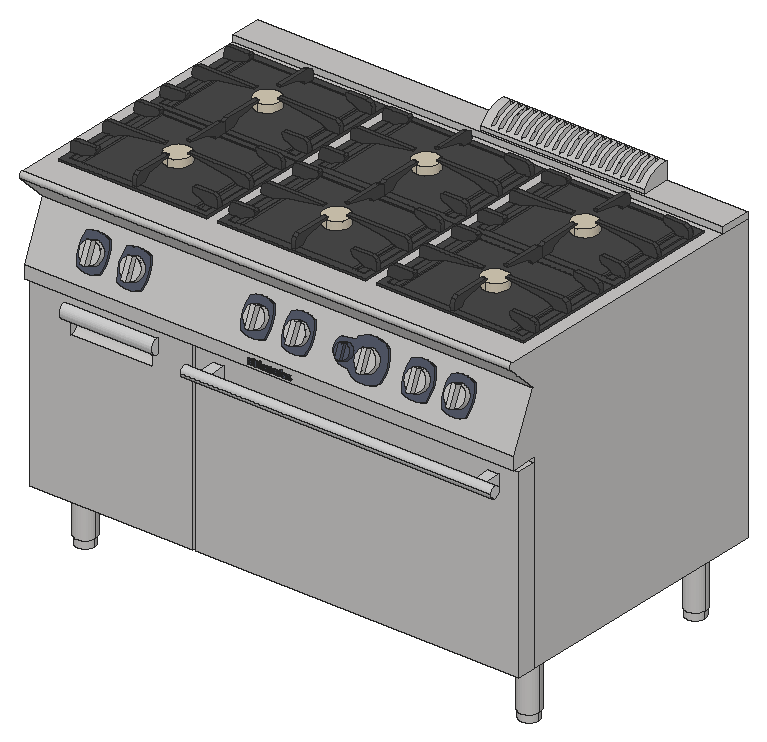
Revit family "QF_ELECTROLUXPROFESSIONAL_371171_E7GCGL6C1A", category Specialty Equipment, Revit 2018 (continued)
Automatic sketch dimensions
  Extrusion 41 sketch curve to Extrusion 41 sketch curve = 0.159 mm
  Extrusion 41 sketch curve to Extrusion 41 sketch curve = 0.826 mm
  Extrusion 41 sketch curve to Extrusion 41 sketch curve = 0.839 mm
  Extrusion 41 sketch curve to Extrusion 41 sketch curve = 0.852 mm
  Extrusion 41 sketch curve to Extrusion 41 sketch curve = 0.887 mm
  Extrusion 41 sketch curve to Extrusion 41 sketch curve = 0.928 mm
  Extrusion 41 sketch curve to Extrusion 41 sketch curve = 0.938 mm
  Extrusion 41 sketch curve to Extrusion 41 sketch curve = 0.444 mm
  Extrusion 41 sketch curve to Extrusion 41 sketch curve = 1.11 mm  (x3)
  plane 7 "Center Y" to Extrusion 41 sketch curve = 43.726 mm
  Extrusion 41 sketch curve to Extrusion 41 sketch curve = 0.215 mm
  plane 7 "Center Y" to Extrusion 41 sketch curve = 0.332 mm
  Extrusion 41 sketch curve to Extrusion 41 sketch curve = 1.43 mm
  Extrusion 41 sketch curve to Extrusion 41 sketch curve = 1.188 mm
  Extrusion 41 sketch curve to Extrusion 41 sketch curve = 1.21 mm  (x2)
  Extrusion 41 sketch curve to Extrusion 41 sketch curve = 0.503 mm
  plane 7 "Center Y" to Extrusion 41 sketch curve = 48.995 mm
  Extrusion 41 sketch curve to Extrusion 41 sketch curve = 0.488 mm
  plane 7 "Center Y" to Extrusion 41 sketch curve = 52.922 mm
  Extrusion 41 sketch curve to Extrusion 41 sketch curve = 0.462 mm
  Extrusion 41 sketch curve to Extrusion 41 sketch curve = 1.386 mm
  Extrusion 41 sketch curve to Extrusion 41 sketch curve = 1.742 mm
  Extrusion 41 sketch curve to Extrusion 41 sketch curve = 0.821 mm
  Extrusion 41 sketch curve to Extrusion 41 sketch curve = 0.497 mm
  Extrusion 41 sketch curve to Extrusion 41 sketch curve = 0.539 mm
  Extrusion 41 sketch curve to Extrusion 41 sketch curve = 0.686 mm
  Extrusion 41 sketch curve to plane 7 "Center Y" = 0.042 mm
  Extrusion 41 sketch curve to Extrusion 41 sketch curve = 0.408 mm
  Extrusion 41 sketch curve to Extrusion 41 sketch curve = 0.743 mm
  Extrusion 41 sketch curve to Extrusion 41 sketch curve = 1.16 mm
  Extrusion 41 sketch curve to Extrusion 41 sketch curve = 0.329 mm
  Extrusion 41 sketch curve to Extrusion 41 sketch curve = 1.054 mm
  Extrusion 41 sketch curve to Extrusion 41 sketch curve = 1.056 mm
  Extrusion 41 sketch curve to Extrusion 41 sketch curve = 0.129 mm
  Extrusion 41 sketch curve to Extrusion 41 sketch curve = 0.489 mm
  Extrusion 41 sketch curve to plane 7 "Center Y" = 0.376 mm
  Extrusion 41 sketch curve to Extrusion 41 sketch curve = 0.441 mm
  Extrusion 41 sketch curve to Extrusion 41 sketch curve = 1.151 mm
  Extrusion 41 sketch curve to Extrusion 41 sketch curve = 1.141 mm  (x2)
  Extrusion 41 sketch curve to Extrusion 41 sketch curve = 0.768 mm
  Extrusion 41 sketch curve to Extrusion 41 sketch curve = 1.653 mm
  Extrusion 41 sketch curve to Extrusion 41 sketch curve = 0.499 mm
  Extrusion 41 sketch curve to Extrusion 41 sketch curve = 0.964 mm
  Extrusion 41 sketch curve to Extrusion 41 sketch curve = 0.949 mm
  Extrusion 41 sketch curve to Extrusion 41 sketch curve = 1.345 mm  (x3)
  Extrusion 41 sketch curve to Extrusion 41 sketch curve = 1.101 mm
  Extrusion 41 sketch curve to Extrusion 41 sketch curve = 0.432 mm
  Extrusion 41 sketch curve to Extrusion 41 sketch curve = 1.142 mm
  Extrusion 41 sketch curve to Extrusion 41 sketch curve = 0.959 mm
  Extrusion 41 sketch curve to Extrusion 41 sketch curve = 0.176 mm
  Extrusion 41 sketch curve to Extrusion 41 sketch curve = 0.728 mm
  Extrusion 41 sketch curve to Extrusion 41 sketch curve = 3.375 mm  (x2)
  Extrusion 41 sketch curve to Extrusion 41 sketch curve = 0.541 mm
  Extrusion 41 sketch curve to Extrusion 41 sketch curve = 0.955 mm
  Extrusion 41 sketch curve to Extrusion 41 sketch curve = 1.251 mm
  Extrusion 41 sketch curve to Extrusion 41 sketch curve = 0.572 mm
  plane 7 "Center Y" to Extrusion 41 sketch curve = 47.619 mm
  Extrusion 41 sketch curve to Extrusion 41 sketch curve = 1.92 mm
  Extrusion 41 sketch curve to Extrusion 41 sketch curve = 1.224 mm
  Extrusion 41 sketch curve to Extrusion 41 sketch curve = 0.745 mm
  Extrusion 41 sketch curve to Extrusion 41 sketch curve = 0.036 mm
  Extrusion 41 sketch curve to Extrusion 41 sketch curve = 0.896 mm  (x3)
  Extrusion 41 sketch curve to Extrusion 41 sketch curve = 2.607 mm
  Extrusion 41 sketch curve to Extrusion 41 sketch curve = 0.066 mm
  Extrusion 41 sketch curve to Extrusion 41 sketch curve = 0.248 mm
  Extrusion 41 sketch curve to Extrusion 41 sketch curve = 0.449 mm
  plane 7 "Center Y" to Extrusion 41 sketch curve = 46.838 mm
  Extrusion 41 sketch curve to Extrusion 41 sketch curve = 1.052 mm
  Extrusion 41 sketch curve to Extrusion 41 sketch curve = 1.863 mm
  Extrusion 41 sketch curve to Extrusion 41 sketch curve = 1.31 mm  (x2)
  Extrusion 41 sketch curve to Extrusion 41 sketch curve = 0.901 mm
  Extrusion 41 sketch curve to Extrusion 41 sketch curve = 1.107 mm
  Extrusion 41 sketch curve to Extrusion 41 sketch curve = 2.122 mm
  Extrusion 41 sketch curve to Extrusion 41 sketch curve = 2.101 mm
  Extrusion 41 sketch curve to Extrusion 41 sketch curve = 0.106 mm
  Extrusion 41 sketch curve to Extrusion 41 sketch curve = 0.029 mm
  plane 7 "Center Y" to Extrusion 41 sketch curve = 49.641 mm
  Extrusion 41 sketch curve to Extrusion 41 sketch curve = 2.09 mm
  Extrusion 41 sketch curve to Extrusion 41 sketch curve = 1.279 mm
  Extrusion 41 sketch curve to Extrusion 41 sketch curve = 2.008 mm
  Extrusion 41 sketch curve to Extrusion 41 sketch curve = 0.738 mm
  Extrusion 41 sketch curve to Extrusion 41 sketch curve = 0.382 mm
  Extrusion 41 sketch curve to Extrusion 41 sketch curve = 0.384 mm
  Extrusion 41 sketch curve to Extrusion 41 sketch curve = 0.002 mm
  Extrusion 41 sketch curve to Extrusion 41 sketch curve = 0.561 mm
  Extrusion 41 sketch curve to Extrusion 41 sketch curve = 0.592 mm
  Extrusion 41 sketch curve to Extrusion 41 sketch curve = 2.692 mm
  Extrusion 41 sketch curve to Extrusion 41 sketch curve = 1.259 mm
  plane 7 "Center Y" to Extrusion 41 sketch curve = 48.858 mm
  Extrusion 41 sketch curve to Extrusion 41 sketch curve = 0.802 mm
  Extrusion 41 sketch curve to Extrusion 41 sketch curve = 1.024 mm
  Extrusion 41 sketch curve to Extrusion 41 sketch curve = 0.682 mm
  Extrusion 41 sketch curve to Extrusion 41 sketch curve = 5.934 mm
  Extrusion 41 sketch curve to Extrusion 41 sketch curve = 2.186 mm
  Extrusion 41 sketch curve to Extrusion 41 sketch curve = 0.337 mm
  Extrusion 41 sketch curve to Extrusion 41 sketch curve = 0.021 mm
  Extrusion 41 sketch curve to Extrusion 41 sketch curve = 1.005 mm
  Extrusion 41 sketch curve to Extrusion 41 sketch curve = 0.552 mm
  Extrusion 41 sketch curve to Extrusion 41 sketch curve = 0.778 mm
  Extrusion 41 sketch curve to Extrusion 41 sketch curve = 0.063 mm
  Extrusion 41 sketch curve to Extrusion 41 sketch curve = 1.023 mm
  Extrusion 41 sketch curve to Extrusion 41 sketch curve = 3.804 mm
  Extrusion 41 sketch curve to Extrusion 41 sketch curve = 0.486 mm
  Extrusion 41 sketch curve to Extrusion 41 sketch curve = 0.266 mm
  Extrusion 41 sketch curve to plane 7 "Center Y" = 0.787 mm
  Extrusion 41 sketch curve to Extrusion 41 sketch curve = 1.547 mm
  Extrusion 41 sketch curve to Extrusion 41 sketch curve = 0.717 mm  (x2)
  Extrusion 41 sketch curve to Extrusion 41 sketch curve = 1.667 mm
  plane 7 "Center Y" to Extrusion 41 sketch curve = 44.532 mm
  Extrusion 41 sketch curve to Extrusion 41 sketch curve = 3.174 mm
  plane 7 "Center Y" to Extrusion 41 sketch curve = 0.368 mm
  Extrusion 41 sketch curve to Extrusion 41 sketch curve = 0.388 mm
  Extrusion 41 sketch curve to Extrusion 41 sketch curve = 1.342 mm
  plane 7 "Center Y" to Extrusion 41 sketch curve = 50.135 mm
  Extrusion 41 sketch curve to Extrusion 41 sketch curve = 1.521 mm
  plane 7 "Center Y" to Extrusion 41 sketch curve = 51.694 mm
  Extrusion 41 sketch curve to Extrusion 41 sketch curve = 0.124 mm
  Extrusion 41 sketch curve to Extrusion 41 sketch curve = 0.291 mm
  plane 7 "Center Y" to Extrusion 41 sketch curve = 7.285 mm
  Extrusion 41 sketch curve to Extrusion 41 sketch curve = 1.049 mm  (x2)
  plane 7 "Center Y" to Extrusion 41 sketch curve = 47.668 mm
  Extrusion 41 sketch curve to Extrusion 41 sketch curve = 1.7 mm
  Extrusion 41 sketch curve to Extrusion 41 sketch curve = 0.894 mm
  Extrusion 41 sketch curve to Extrusion 41 sketch curve = 0.989 mm
  Extrusion 41 sketch curve to Extrusion 41 sketch curve = 1.168 mm
  Extrusion 41 sketch curve to Extrusion 41 sketch curve = 1.594 mm
  Extrusion 41 sketch curve to Extrusion 41 sketch curve = 0.731 mm
  Extrusion 41 sketch curve to Extrusion 41 sketch curve = 1.566 mm
  Extrusion 41 sketch curve to Extrusion 41 sketch curve = 0.064 mm
  plane 7 "Center Y" to Extrusion 41 sketch curve = 7.842 mm
  Extrusion 41 sketch curve to Extrusion 41 sketch curve = 0.556 mm
  Extrusion 41 sketch curve to Extrusion 41 sketch curve = 0.48 mm
  Extrusion 41 sketch curve to Extrusion 41 sketch curve = 0.228 mm
  Extrusion 41 sketch curve to Extrusion 41 sketch curve = 1.018 mm
  plane 7 "Center Y" to Extrusion 41 sketch curve = 37.429 mm
  Extrusion 41 sketch curve to Extrusion 41 sketch curve = 0.787 mm
  Extrusion 41 sketch curve to Extrusion 41 sketch curve = 0.618 mm
  plane 7 "Center Y" to Extrusion 41 sketch curve = 42.486 mm
  Extrusion 41 sketch curve to Extrusion 41 sketch curve = 1.672 mm
  plane 7 "Center Y" to Extrusion 41 sketch curve = 53.436 mm
  Extrusion 41 sketch curve to Extrusion 41 sketch curve = 1.361 mm
  Extrusion 41 sketch curve to Extrusion 41 sketch curve = 0.822 mm
  Extrusion 41 sketch curve to Extrusion 41 sketch curve = 0.069 mm
  Extrusion 41 sketch curve to Extrusion 41 sketch curve = 1.88 mm
  plane 7 "Center Y" to Extrusion 41 sketch curve = 35.269 mm
  Extrusion 41 sketch curve to Extrusion 41 sketch curve = 0.42 mm
  Extrusion 41 sketch curve to Extrusion 41 sketch curve = 0.062 mm
  Extrusion 41 sketch curve to Extrusion 41 sketch curve = 1.355 mm
  Extrusion 41 sketch curve to Extrusion 41 sketch curve = 2.34 mm
  Extrusion 41 sketch curve to Extrusion 41 sketch curve = 0.493 mm
  Extrusion 41 sketch curve to Extrusion 41 sketch curve = 0.136 mm
  Extrusion 41 sketch curve to Extrusion 41 sketch curve = 0.128 mm
  Extrusion 41 sketch curve to Extrusion 41 sketch curve = 3.616 mm
  Extrusion 41 sketch curve to Extrusion 41 sketch curve = 4.207 mm
  Extrusion 41 sketch curve to Extrusion 41 sketch curve = 0.183 mm
  Extrusion 41 sketch curve to Extrusion 41 sketch curve = 0.895 mm
  Extrusion 41 sketch curve to Extrusion 41 sketch curve = 1.314 mm
  Extrusion 41 sketch curve to Extrusion 41 sketch curve = 3.231 mm
  Extrusion 41 sketch curve to plane 7 "Center Y" = 23.526 mm
  Extrusion 41 sketch curve to Extrusion 41 sketch curve = 1.299 mm
  Extrusion 41 sketch curve to Extrusion 41 sketch curve = 1.214 mm
  plane 7 "Center Y" to Extrusion 41 sketch curve = 26.369 mm
  Extrusion 41 sketch curve to Extrusion 41 sketch curve = 1.264 mm
  Extrusion 41 sketch curve to Extrusion 41 sketch curve = 0.109 mm
  Extrusion 41 sketch curve to Extrusion 41 sketch curve = 0.357 mm
  Extrusion 41 sketch curve to Extrusion 41 sketch curve = 0.565 mm
  Extrusion 41 sketch curve to Extrusion 41 sketch curve = 2.504 mm
  Extrusion 41 sketch curve to Extrusion 41 sketch curve = 2.459 mm
  Extrusion 41 sketch curve to Extrusion 41 sketch curve = 0.983 mm
  Extrusion 41 sketch curve to Extrusion 41 sketch curve = 0.422 mm  (x2)
  Extrusion 41 sketch curve to Extrusion 41 sketch curve = 1.268 mm
  Extrusion 41 sketch curve to Extrusion 41 sketch curve = 0.671 mm
  Extrusion 41 sketch curve to Extrusion 41 sketch curve = 1.634 mm
  Extrusion 41 sketch curve to Extrusion 41 sketch curve = 0.132 mm
  Extrusion 41 sketch curve to Extrusion 41 sketch curve = 0.586 mm
  Extrusion 41 sketch curve to Extrusion 41 sketch curve = 1.241 mm
  Extrusion 41 sketch curve to Extrusion 41 sketch curve = 1.689 mm
  Extrusion 41 sketch curve to Extrusion 41 sketch curve = 0.627 mm
  Extrusion 41 sketch curve to Extrusion 41 sketch curve = 0.419 mm
  Extrusion 41 sketch curve to Extrusion 41 sketch curve = 1.514 mm
  Extrusion 41 sketch curve to Extrusion 41 sketch curve = 1.019 mm
  Extrusion 41 sketch curve to Extrusion 41 sketch curve = 0.065 mm
  Extrusion 41 sketch curve to Extrusion 41 sketch curve = 1.215 mm
  Extrusion 41 sketch curve to Extrusion 41 sketch curve = 1.122 mm
  Extrusion 41 sketch curve to Extrusion 41 sketch curve = 1.153 mm
  Extrusion 41 sketch curve to Extrusion 41 sketch curve = 1.223 mm
  Extrusion 41 sketch curve to Extrusion 41 sketch curve = 0.934 mm
  Extrusion 41 sketch curve to Extrusion 41 sketch curve = 3.376 mm
  Extrusion 41 sketch curve to Extrusion 41 sketch curve = 0.222 mm
  Extrusion 41 sketch curve to Extrusion 41 sketch curve = 1.383 mm
  Extrusion 41 sketch curve to Extrusion 41 sketch curve = 1.556 mm
  Extrusion 41 sketch curve to Extrusion 41 sketch curve = 2.559 mm
  Extrusion 41 sketch curve to Extrusion 41 sketch curve = 2.51 mm
  Extrusion 41 sketch curve to Extrusion 41 sketch curve = 0.131 mm
  Extrusion 41 sketch curve to Extrusion 41 sketch curve = 1.134 mm
  Extrusion 41 sketch curve to Extrusion 41 sketch curve = 0.094 mm
  Extrusion 41 sketch curve to Extrusion 41 sketch curve = 1.584 mm
  Extrusion 41 sketch curve to Extrusion 41 sketch curve = 0.27 mm
  Extrusion 41 sketch curve to Extrusion 41 sketch curve = 0.916 mm
  Extrusion 41 sketch curve to Extrusion 41 sketch curve = 0.352 mm
  Extrusion 41 sketch curve to Extrusion 41 sketch curve = 0.458 mm
  Extrusion 41 sketch curve to Extrusion 41 sketch curve = 1.282 mm
  Extrusion 41 sketch curve to Extrusion 41 sketch curve = 1.363 mm
  Extrusion 41 sketch curve to Extrusion 41 sketch curve = 0.685 mm
  Extrusion 41 sketch curve to Extrusion 41 sketch curve = 0.905 mm
  Extrusion 41 sketch curve to Extrusion 41 sketch curve = 1.477 mm
  Extrusion 41 sketch curve to Extrusion 41 sketch curve = 0.472 mm
  Extrusion 41 sketch curve to Extrusion 41 sketch curve = 0.101 mm
  Extrusion 41 sketch curve to Extrusion 41 sketch curve = 0.54 mm
  Extrusion 41 sketch curve to Extrusion 41 sketch curve = 0.02 mm
  Extrusion 41 sketch curve to Extrusion 41 sketch curve = 0.829 mm
  Extrusion 41 sketch curve to Extrusion 41 sketch curve = 0.582 mm
  Extrusion 41 sketch curve to Extrusion 41 sketch curve = 0.166 mm
  Extrusion 41 sketch curve to Extrusion 41 sketch curve = 0.16 mm
  Extrusion 41 sketch curve to Extrusion 41 sketch curve = 1.118 mm
  Extrusion 41 sketch curve to Extrusion 41 sketch curve = 0.613 mm
  Extrusion 41 sketch curve to Extrusion 41 sketch curve = 0.781 mm
  Extrusion 41 sketch curve to Extrusion 41 sketch curve = 0.361 mm
  Extrusion 41 sketch curve to Extrusion 41 sketch curve = 0.897 mm
  Extrusion 41 sketch curve to Extrusion 41 sketch curve = 0.167 mm
  Extrusion 41 sketch curve to Extrusion 41 sketch curve = 0.292 mm
  Extrusion 41 sketch curve to Extrusion 41 sketch curve = 0.305 mm
  Extrusion 41 sketch curve to Extrusion 41 sketch curve = 1.557 mm
  Extrusion 41 sketch curve to Extrusion 41 sketch curve = 2.499 mm
  Extrusion 41 sketch curve to Extrusion 41 sketch curve = 3.062 mm
  Extrusion 41 sketch curve to Extrusion 41 sketch curve = 2.968 mm
  Extrusion 41 sketch curve to Extrusion 41 sketch curve = 5.044 mm
  Extrusion 41 sketch curve to Extrusion 41 sketch curve = 0.629 mm  (x2)
  Extrusion 41 sketch curve to Extrusion 41 sketch curve = 1.131 mm
  Extrusion 41 sketch curve to Extrusion 41 sketch curve = 0.137 mm
  Extrusion 41 sketch curve to Extrusion 41 sketch curve = 0.027 mm
  Extrusion 41 sketch curve to Extrusion 41 sketch curve = 2.046 mm
  Extrusion 41 sketch curve to Extrusion 41 sketch curve = 2.235 mm
  radius of Extrusion 8 sketch curve = 6.35 mm
  radius of Extrusion 13 sketch curve = 12.7 mm
  radius of Extrusion 17 sketch curve = 25.4 mm
  radius of Extrusion 18 sketch curve to Extrusion 17 = 0 mm  (x2)
  radius of Extrusion 20 sketch curve = 25.4 mm
  radius of Extrusion 21 sketch curve to Extrusion 20 = 0 mm  (x2)
  radius of Extrusion 22 sketch curve = 18.37 mm
  radius of Extrusion 25 sketch curve = 25.4 mm
  radius of Extrusion 26 sketch curve to Extrusion 25 = 0 mm  (x2)
  radius of Extrusion 28 sketch curve = 25.4 mm
  radius of Extrusion 29 sketch curve to Extrusion 28 = 0 mm  (x2)
  radius of Extrusion 33 sketch curve = 25.4 mm
  radius of Extrusion 34 sketch curve to Extrusion 33 = 0 mm  (x2)
  radius of Extrusion 36 sketch curve = 25.4 mm
  radius of Extrusion 37 sketch curve to Extrusion 36 = 0 mm  (x2)
  radius of Extrusion 39 sketch curve = 25.4 mm
  radius of Extrusion 40 sketch curve to Extrusion 39 = 0 mm  (x2)
Nested families
  nested 1: "371009_BURNER" at (23.5, -5, 0), type "371009_BURNER"
    with Type Mark "", Status "", Specification by User "", Revision Code "", Item Number "", Installed By "", Identify Quantity as Lot yes, Furnished By "", Foodservice Equipment Identifier yes
  nested 2: "371009_BURNER" at (23.5, -739.127, 0), type "371009_BURNER"
    with Type Mark "", Status "", Specification by User "", Revision Code "", Item Number "", Installed By "", Identify Quantity as Lot yes, Furnished By "", Foodservice Equipment Identifier yes
  nested 3: "371009_BURNER" at (412.5, -5, 0), type "371009_BURNER"
    with Type Mark "", Status "", Specification by User "", Revision Code "", Item Number "", Installed By "", Identify Quantity as Lot yes, Furnished By "", Foodservice Equipment Identifier yes
  nested 4: "371009_BURNER" at (412.5, -739.127, 0), type "371009_BURNER"
    with Type Mark "", Status "", Specification by User "", Revision Code "", Item Number "", Installed By "", Identify Quantity as Lot yes, Furnished By "", Foodservice Equipment Identifier yes
  nested 5: "371009_BURNER" at (1176.5, -5, 0) x (-1, 0, 0) z (0, 0, 1), type "371009_BURNER"
    with Type Mark "", Status "", Specification by User "", Revision Code "", Item Number "", Installed By "", Identify Quantity as Lot yes, Furnished By "", Foodservice Equipment Identifier yes
  nested 6: "371009_BURNER" at (1176.5, -739.127, 0) x (-1, 0, 0) z (0, 0, 1), type "371009_BURNER"
    with Type Mark "", Status "", Specification by User "", Revision Code "", Item Number "", Installed By "", Identify Quantity as Lot yes, Furnished By "", Foodservice Equipment Identifier yes
Connectors
  piping at (1147.613, -464, 141.185), diameter 12.8
    settings: on Extrusion 8, index 1, connector inside diameter 0.50394", connector length 0 mm, flow factor 0, pipe flow 0 GPM, pressure drop 0.00 psi, fitting loss kfactor 0, connector angle 0.00°, fixture units 0, engagement length 0 mm, angle of deflection 0.00°, flow configuration 1, flow direction 1, fitting loss method 0, system type 7, joint type 0, gender type 0, connector reference index -1, connector utility 0, adjustable connector no, is connector primary yes, connector description "Gas Inlet"
Definition of nested family "371009_BURNER"
  Parameters
    Weight in Pounds = 0
    URL Cutsheet = ""
    URL = "www.electrolux.com"
    Type Mark [instance] = ""
    Status [instance] = ""
    Specification by User [instance] = ""
    Specification by Manufacturer = ""
    Serial Number = ""
    Seismic Rating = ""
    SMACNA No = ""
    Revision Code [instance] = ""
    Omniclass Number and Title = ""
    NAFEM Spec ID Number = ""
    Model = "371009"
    Masterspec = ""
    Manufacturer = "ELECTROLUX"
    Item Number [instance] = ""
    Installed By [instance] = ""
    Identify Quantity as Lot [instance] = yes
    Furnished By [instance] = ""
    Foodservice Equipment Identifier [instance] = yes
    Description = ""
    CSI MasterFormat = ""
    CSI Master Format = ""
  Reference planes
    plane 1 "BACK": y = 0
    plane 2: z = 0
    plane 3 "LEFT": x = 0
    plane 4 "RIGHT": x = 800
    plane 5 "FRONT": y = -700
    plane 6 "TOP": z = 908.85
    plane 7 "Center Y": x = 400
    plane 8 "Center X": y = -350
    plane 9 "Base": z = 150
    plane 10: z = 850.85
  Forms (mm)
    Extrusion 1, solid
      sketch origin (0, -734.127, 5) x (1, 0, 0) y (0, 0, -1)
        loop
          arc (7.142, -850.85) -> (6.739, -862.989) -> (9.761, -874.752) r 42.809
          line (9.761, -874.752) -> (19.961, -879.425) -> (157.339, -879.425)
          arc (157.339, -879.425) -> (158.533, -878.312) -> (157.506, -877.043) r 1.197
          line (157.506, -877.043) -> (64.848, -864.021)
          arc (64.848, -864.021) -> (50.111, -858.738) -> (36.589, -850.85) r 85.245
          line (36.589, -850.85) -> (7.142, -850.85)
        loop
          line (367.858, -850.85) -> (338.411, -850.85)
          arc (338.411, -850.85) -> (324.889, -858.738) -> (310.152, -864.021) r 85.245
          line (310.152, -864.021) -> (217.494, -877.043)
          arc (217.494, -877.043) -> (216.467, -878.312) -> (217.661, -879.425) r 1.197
          line (217.661, -879.425) -> (355.039, -879.425) -> (365.239, -874.752)
          arc (365.239, -874.752) -> (368.261, -862.989) -> (367.858, -850.85) r 42.809
      from 224.564 to 234.564
    Extrusion 2, solid
      sketch origin (0, -734.127, 5) x (1, 0, 0) y (0, 0, -1)
        loop
          arc (7.056, -850.85) -> (6.705, -862.948) -> (9.748, -874.663) r 42.876
          line (9.748, -874.663) -> (19.961, -879.425) -> (65.851, -879.425)
          arc (65.851, -879.425) -> (68.577, -878.352) -> (69.841, -875.709) r 4
          arc (69.841, -875.709) -> (68.75, -869.25) -> (64.816, -864.012) r 13.87
          arc (64.816, -864.012) -> (50.096, -858.731) -> (36.589, -850.85) r 85.245
          line (36.589, -850.85) -> (7.056, -850.85)
        loop
          line (367.944, -850.85) -> (338.411, -850.85)
          arc (338.411, -850.85) -> (324.904, -858.731) -> (310.184, -864.012) r 85.245
          arc (310.184, -864.012) -> (306.25, -869.25) -> (305.159, -875.709) r 13.87
          arc (305.159, -875.709) -> (306.423, -878.352) -> (309.149, -879.425) r 4
          line (309.149, -879.425) -> (355.039, -879.425) -> (365.252, -874.663)
          arc (365.252, -874.663) -> (368.295, -862.948) -> (367.944, -850.85) r 42.876
      from 127.064 to 137.064
    Extrusion 3, solid
      sketch origin (0, -275, 5) x (1, 0, 0) y (0, 0, 1)
        loop
          arc (64.816, 864.012) -> (68.75, 869.25) -> (69.841, 875.709) r 13.87
          arc (69.841, 875.709) -> (68.577, 878.352) -> (65.851, 879.425) r 4
          line (65.851, 879.425) -> (19.961, 879.425) -> (9.748, 874.663)
          arc (9.748, 874.663) -> (6.705, 862.948) -> (7.056, 850.85) r 42.876
          line (7.056, 850.85) -> (36.589, 850.85)
          arc (36.589, 850.85) -> (50.096, 858.731) -> (64.816, 864.012) r 85.245
        loop
          arc (310.184, 864.012) -> (324.904, 858.731) -> (338.411, 850.85) r 85.245
          line (338.411, 850.85) -> (367.944, 850.85)
          arc (367.944, 850.85) -> (368.295, 862.948) -> (365.252, 874.663) r 42.876
          line (365.252, 874.663) -> (355.039, 879.425) -> (309.149, 879.425)
          arc (309.149, 879.425) -> (306.423, 878.352) -> (305.159, 875.709) r 4
          arc (305.159, 875.709) -> (306.25, 869.25) -> (310.184, 864.012) r 13.87
      from 127.064 to 137.064
    Extrusion 4, solid
      sketch origin (454.964, -29.48, 5) x (0, -1, 0) y (0, 0, 1)
        loop
          arc (366.649, 850.85) -> (375.927, 861.743) -> (389.337, 866.736) r 28.426
          line (389.337, 866.736) -> (441.256, 877.043)
          arc (441.256, 877.043) -> (442.283, 878.312) -> (441.089, 879.425) r 1.197
          line (441.089, 879.425) -> (347.797, 879.425)
          arc (347.797, 879.425) -> (343.211, 875.934) -> (337.583, 874.694) r 13.39
          line (337.583, 874.694) -> (337.583, 850.85) -> (366.649, 850.85)
        loop
          arc (606.236, 850.85) -> (606.587, 862.948) -> (603.543, 874.663) r 42.876
          line (603.543, 874.663) -> (593.33, 879.425) -> (509.077, 879.425)
          arc (509.077, 879.425) -> (507.883, 878.312) -> (508.911, 877.043) r 1.197
          line (508.911, 877.043) -> (560.83, 866.736)
          arc (560.83, 866.736) -> (574.239, 861.743) -> (583.518, 850.85) r 28.426
          line (583.518, 850.85) -> (606.236, 850.85)
      from 262.464 to 272.464
    Extrusion 5, solid
      sketch origin (0, 0, 850.85) x (0, -1, 0) y (1, 0, 0)
        loop
          line (642.216, 6.433) -> (642.216, 368.567) -> (367.857, 368.567) -> (367.857, 6.433) -> (642.216, 6.433)
        loop
          line (382.857, 21.433) -> (627.216, 21.433) -> (627.216, 353.567) -> (382.857, 353.567) -> (382.857, 21.433)
      from 0 to 5
    Extrusion 6, solid
      sketch origin (-12.5, 0, 855.85) x (0, -1, 0) y (1, 0, 0)
        loop
          circle (504.356, 200) r 30
      from -1.321 to 17.134
    Extrusion 7, solid
      sketch origin (0, -734.127, 0) x (1, 0, 0) y (0, 0, -1)
        loop
          line (21.433, -855.85) -> (36.589, -855.85)
          arc (36.589, -855.85) -> (40.561, -855.243) -> (44.305, -853.783) r 18.259
          arc (44.305, -853.783) -> (45.997, -853.366) -> (47.69, -853.783) r 3.649
          arc (47.69, -853.783) -> (49.901, -854.522) -> (52.232, -854.529) r 7.328
          line (52.232, -854.529) -> (322.768, -854.529)
          arc (322.768, -854.529) -> (325.099, -854.522) -> (327.31, -853.783) r 7.328
          arc (327.31, -853.783) -> (329.003, -853.366) -> (330.695, -853.783) r 3.649
          arc (330.695, -853.783) -> (334.439, -855.243) -> (338.411, -855.85) r 18.259
          line (338.411, -855.85) -> (353.567, -855.85) -> (353.567, -850.85) -> (21.433, -850.85) -> (21.433, -855.85)
      from 106.911 to 351.27
  Lines and regions (mm)
    symbolic lines
      curve 1: line (6.433, -642.216, 150) -> (368.567, -642.216, 150)
      curve 2: line (6.433, -367.857, 150) -> (6.433, -642.216, 150)
      curve 3: line (368.567, -367.857, 150) -> (192.5, -367.857, 150)
      curve 4: line (368.567, -642.216, 150) -> (368.567, -367.857, 150)
      curve 5: line (353.567, -382.857, 150) -> (192.5, -382.857, 150)
      curve 6: line (353.567, -627.216, 150) -> (353.567, -607.064, 150)
      curve 7: line (21.433, -627.216, 150) -> (182.5, -627.216, 150)
      curve 8: line (21.433, -382.857, 150) -> (21.433, -402.064, 150)
      curve 9: line (52.232, -627.216, 150) -> (52.232, -607.064, 150)
      curve 10: line (322.567, -382.857, 150) -> (322.567, -402.064, 150)
      curve 11: line (148.125, -499.564, 150) -> (148.125, -382.857, 150)
      curve 12: line (154.375, -382.857, 150) -> (154.375, -499.564, 150)
      curve 13: arc (148.297, -509.564, 150) -> (159.191, -533.254, 150) -> (182.5, -544.942, 150) r 39.375
      curve 14: arc (220.42, -509.564, 150) -> (211.39, -528.832, 150) -> (192.5, -538.631, 150) r 33.125
      curve 15: line (220.625, -382.857, 150) -> (220.625, -499.564, 150)
      curve 16: line (226.875, -499.564, 150) -> (226.875, -382.857, 150)
      curve 17: line (192.5, -636.339, 150) -> (192.5, -535.619, 150)
      curve 18: arc (182.657, -474.75, 150) -> (166.195, -483.236, 150) -> (157.853, -499.771, 150) r 30
      curve 19: arc (192.224, -533.982, 150) -> (208.621, -525.661, 150) -> (217.084, -509.337, 150) r 30
      curve 20: line (368.567, -597.064, 150) -> (305.159, -597.064, 150)
      curve 21: line (6.433, -607.064, 150) -> (69.841, -607.064, 150)
      curve 22: line (6.433, -509.564, 150) -> (156.429, -509.564, 150)
      curve 23: line (368.567, -499.564, 150) -> (218.571, -499.564, 150)
      curve 24: line (6.433, -412.064, 150) -> (69.841, -412.064, 150)
      curve 25: line (368.567, -402.064, 150) -> (305.159, -402.064, 150)
      curve 26: line (69.841, -597.064, 150) -> (6.433, -597.064, 150)
      curve 27: line (305.159, -607.064, 150) -> (368.567, -607.064, 150)
      curve 28: line (69.841, -402.064, 150) -> (6.433, -402.064, 150)
      curve 29: line (305.159, -412.064, 150) -> (368.567, -412.064, 150)
      curve 30: arc (69.841, -597.064, 150) -> (74.841, -602.064, 150) -> (69.841, -607.064, 150) r 5
      curve 31: arc (305.159, -607.064, 150) -> (300.159, -602.064, 150) -> (305.159, -597.064, 150) r 5
      curve 32: arc (69.841, -402.064, 150) -> (74.841, -407.064, 150) -> (69.841, -412.064, 150) r 5
      curve 33: arc (305.159, -412.064, 150) -> (300.159, -407.064, 150) -> (305.159, -402.064, 150) r 5
      curve 34: line (21.433, -412.064, 150) -> (21.433, -499.564, 150)
      curve 35: line (52.232, -402.064, 150) -> (52.232, -382.857, 150)
      curve 36: line (21.433, -509.564, 150) -> (21.433, -597.064, 150)
      curve 37: line (52.232, -499.564, 150) -> (52.232, -412.064, 150)
      curve 38: line (52.232, -597.064, 150) -> (52.232, -509.564, 150)
      curve 39: line (21.433, -607.064, 150) -> (21.433, -627.216, 150)
      curve 40: line (322.567, -607.064, 150) -> (322.567, -627.216, 150)
      curve 41: line (353.567, -597.064, 150) -> (353.567, -509.564, 150)
      curve 42: line (322.567, -509.564, 150) -> (322.567, -597.064, 150)
      curve 43: line (353.567, -499.564, 150) -> (353.567, -412.064, 150)
      curve 44: line (353.567, -402.064, 150) -> (353.567, -382.857, 150)
      curve 45: line (322.567, -412.064, 150) -> (322.567, -499.564, 150)
      curve 46: line (156.429, -499.564, 150) -> (6.433, -499.564, 150)
      curve 47: line (218.571, -509.564, 150) -> (368.567, -509.564, 150)
      curve 48: arc (218.571, -499.564, 150) -> (213.571, -504.564, 150) -> (218.571, -509.564, 150) r 5
      curve 49: arc (156.429, -499.564, 150) -> (161.429, -504.564, 150) -> (156.429, -509.564, 150) r 5
      curve 50: arc (157.916, -509.337, 150) -> (166.379, -525.661, 150) -> (182.776, -533.982, 150) r 30
      curve 51: arc (217.147, -499.771, 150) -> (208.805, -483.236, 150) -> (192.343, -474.75, 150) r 30
      curve 52: line (182.5, -535.619, 150) -> (182.5, -636.339, 150)
      curve 53: line (192.5, -473.508, 150) -> (192.5, -367.064, 150)
      curve 54: arc (192.5, -535.619, 150) -> (187.5, -530.619, 150) -> (182.5, -535.619, 150) r 5
      curve 55: arc (192.5, -473.508, 150) -> (187.5, -478.508, 150) -> (182.5, -473.508, 150) r 5
      curve 56: line (182.5, -367.857, 150) -> (6.433, -367.857, 150)
      curve 57: line (182.5, -382.857, 150) -> (21.433, -382.857, 150)
      curve 58: arc (192.5, -404.571, 150) -> (196.398, -417.071, 150) -> (192.5, -429.571, 150) r 21.993
      curve 59: arc (196.181, -420.148, 150) -> (199.482, -417.071, 150) -> (196.181, -413.995, 150) r 3.084
      curve 60: arc (182.5, -404.571, 150) -> (178.602, -417.071, 150) -> (182.5, -429.571, 150) r 21.993
      curve 61: arc (178.819, -420.148, 150) -> (175.518, -417.071, 150) -> (178.819, -413.995, 150) r 3.084
      curve 62: line (182.5, -367.064, 150) -> (182.5, -473.508, 150)
      curve 63: arc (182.5, -538.631, 150) -> (163.61, -528.832, 150) -> (154.58, -509.564, 150) r 33.125
      curve 64: arc (192.5, -544.942, 150) -> (215.809, -533.254, 150) -> (226.703, -509.564, 150) r 39.375
      curve 65: line (182.5, -636.339, 150) -> (192.5, -636.339, 150)
      curve 66: line (182.5, -377.277, 150) -> (192.5, -377.277, 150)
      curve 67: line (182.5, -367.064, 150) -> (192.5, -367.064, 150)
      curve 68: line (192.5, -627.216, 150) -> (353.567, -627.216, 150)
  Dimensions and locks
    equal spacing: plane 3 "LEFT", plane 7 "Center Y", plane 4 "RIGHT"
    plane 3 "LEFT" to plane 4 "RIGHT" = 800 mm
    equal spacing: plane 5 "FRONT", plane 8 "Center X", plane 1 "BACK"
    plane 5 "FRONT" to plane 1 "BACK" = 700 mm
    plane 6 "TOP" to level = 908.85 mm
    plane 9 "Base" to level = 150 mm
    plane 6 "TOP" to plane 10 = 58 mm  (x2)
    aligned and locked: level to plane 2
  Automatic sketch dimensions
    Extrusion 5 sketch curve to Extrusion 5 sketch curve = 15 mm  (x2)
    Extrusion 5 sketch curve to Extrusion 5 sketch curve = 332.134 mm
    plane 3 "LEFT" to Extrusion 2 sketch curve = 7.056 mm
    plane 3 "LEFT" to Extrusion 2 sketch curve = 9.748 mm
    Extrusion 2 sketch curve to Extrusion 2 sketch curve = 10.213 mm  (x2)
    plane 10 to Extrusion 2 sketch curve = 5 mm  (x2)
    Extrusion 2 sketch curve to Extrusion 2 sketch curve = 29.533 mm
    Extrusion 2 sketch curve to Extrusion 2 sketch curve = 12.72 mm  (x2)
    Extrusion 2 sketch curve to Extrusion 2 sketch curve = 6.697 mm
    Extrusion 2 sketch curve to Extrusion 2 sketch curve = 8.81 mm
    Extrusion 2 sketch curve to Extrusion 2 sketch curve = 9.845 mm  (x2)
    Extrusion 2 sketch curve to Extrusion 2 sketch curve = 3.99 mm  (x2)
    Extrusion 2 sketch curve to Extrusion 2 sketch curve = 0 mm  (x2)
    Extrusion 2 sketch curve to Extrusion 2 sketch curve = 36.813 mm
    Extrusion 2 sketch curve to plane 7 "Center Y" = 111.122 mm
    Extrusion 2 sketch curve to plane 6 "TOP" = 28.141 mm
    Extrusion 2 sketch curve to plane 7 "Center Y" = 94.841 mm
    Extrusion 2 sketch curve to Extrusion 2 sketch curve = 1.035 mm
    Extrusion 2 sketch curve to Extrusion 2 sketch curve = 15.507 mm
    Extrusion 2 sketch curve to Extrusion 2 sketch curve = 16.628 mm
    Extrusion 2 sketch curve to Extrusion 2 sketch curve = 2.692 mm
    Extrusion 2 sketch curve to plane 6 "TOP" = 24.425 mm
    Extrusion 2 sketch curve to Extrusion 2 sketch curve = 28.575 mm
    Extrusion 2 sketch curve to Extrusion 2 sketch curve = 3.716 mm
    Extrusion 2 sketch curve to Extrusion 2 sketch curve = 4.763 mm  (x2)
    plane 3 "LEFT" to Extrusion 1 sketch curve = 7.142 mm
    plane 3 "LEFT" to Extrusion 1 sketch curve = 9.761 mm
    Extrusion 1 sketch curve to Extrusion 1 sketch curve = 10.201 mm  (x2)
    plane 10 to Extrusion 1 sketch curve = 5 mm  (x2)
    Extrusion 1 sketch curve to Extrusion 1 sketch curve = 29.447 mm
    Extrusion 1 sketch curve to Extrusion 1 sketch curve = 12.704 mm  (x2)
    Extrusion 1 sketch curve to Extrusion 1 sketch curve = 15.555 mm  (x2)
    Extrusion 1 sketch curve to Extrusion 1 sketch curve = 36.829 mm
    Extrusion 1 sketch curve to plane 6 "TOP" = 24.425 mm  (x2)
    Extrusion 1 sketch curve to Extrusion 1 sketch curve = 92.491 mm
    Extrusion 1 sketch curve to plane 6 "TOP" = 26.807 mm  (x2)
    Extrusion 1 sketch curve to Extrusion 1 sketch curve = 0.167 mm  (x2)
    Extrusion 1 sketch curve to Extrusion 1 sketch curve = 59.988 mm
    Extrusion 1 sketch curve to plane 7 "Center Y" = 111.122 mm
    plane 10 to Extrusion 1 sketch curve = 18.171 mm
    Extrusion 1 sketch curve to Extrusion 1 sketch curve = 21.274 mm
    Extrusion 1 sketch curve to Extrusion 1 sketch curve = 16.628 mm
    Extrusion 1 sketch curve to Extrusion 1 sketch curve = 2.618 mm
    Extrusion 1 sketch curve to Extrusion 1 sketch curve = 4.673 mm  (x2)
    Extrusion 1 sketch curve to Extrusion 1 sketch curve = 5.694 mm
    plane 3 "LEFT" to Extrusion 3 sketch curve = 7.056 mm
    plane 3 "LEFT" to Extrusion 3 sketch curve = 9.748 mm
    Extrusion 3 sketch curve to Extrusion 3 sketch curve = 10.213 mm  (x2)
    plane 10 to Extrusion 3 sketch curve = 5 mm  (x2)
    Extrusion 3 sketch curve to Extrusion 3 sketch curve = 29.533 mm
    Extrusion 3 sketch curve to Extrusion 3 sketch curve = 12.72 mm  (x2)
    Extrusion 3 sketch curve to Extrusion 3 sketch curve = 6.697 mm
    Extrusion 3 sketch curve to Extrusion 3 sketch curve = 8.81 mm
    Extrusion 3 sketch curve to Extrusion 3 sketch curve = 9.845 mm  (x2)
    Extrusion 3 sketch curve to Extrusion 3 sketch curve = 3.99 mm  (x2)
    Extrusion 3 sketch curve to Extrusion 3 sketch curve = 0 mm  (x2)
    Extrusion 3 sketch curve to Extrusion 3 sketch curve = 36.813 mm
    Extrusion 3 sketch curve to plane 7 "Center Y" = 111.122 mm
    Extrusion 3 sketch curve to plane 6 "TOP" = 28.141 mm
    Extrusion 3 sketch curve to plane 7 "Center Y" = 94.841 mm
    Extrusion 3 sketch curve to Extrusion 3 sketch curve = 1.035 mm
    Extrusion 3 sketch curve to Extrusion 3 sketch curve = 15.507 mm
    Extrusion 3 sketch curve to Extrusion 3 sketch curve = 16.628 mm
    Extrusion 3 sketch curve to Extrusion 3 sketch curve = 2.692 mm
    Extrusion 3 sketch curve to plane 10 = 64.377 mm  (x2)
    plane 10 to Extrusion 3 sketch curve = 12.281 mm  (x2)
    Extrusion 3 sketch curve to Extrusion 3 sketch curve = 10.713 mm
    Extrusion 5 to Extrusion 6 sketch curve = 121.499 mm
    Extrusion 5 to Extrusion 6 sketch curve = 166.067 mm
    plane 3 "LEFT" to Extrusion 5 sketch curve = 21.433 mm
    Extrusion 5 sketch curve to plane 5 "FRONT" = 72.784 mm
    plane 3 "LEFT" to Extrusion 7 sketch curve = 21.433 mm
    Extrusion 7 sketch curve to Extrusion 7 sketch curve = 14.402 mm
    plane 10 to Extrusion 7 sketch curve = 5 mm
    plane 10 to Extrusion 7 sketch curve = 2.933 mm  (x4)
    Extrusion 7 sketch curve to Extrusion 7 sketch curve = 7.716 mm  (x2)
    Extrusion 7 sketch curve to Extrusion 7 sketch curve = 0 mm  (x2)
    Extrusion 7 sketch curve to Extrusion 7 sketch curve = 1.692 mm  (x2)
    Extrusion 7 sketch curve to Extrusion 7 sketch curve = 3.385 mm  (x2)
    Extrusion 7 sketch curve to plane 10 = 3.559 mm  (x2)
    Extrusion 7 sketch curve to Extrusion 7 sketch curve = 302.478 mm
    Extrusion 7 sketch curve to Extrusion 7 sketch curve = 15.253 mm
    Extrusion 7 sketch curve to Extrusion 7 sketch curve = 15.156 mm  (x2)
    Extrusion 7 sketch curve to Extrusion 7 sketch curve = 3.233 mm
    Extrusion 7 sketch curve to plane 10 = 0 mm
    Extrusion 7 sketch curve to plane 7 "Center Y" = 77.232 mm
    Extrusion 5 sketch curve to plane 8 "Center X" = 32.857 mm
    plane 3 "LEFT" to Extrusion 5 sketch curve = 6.433 mm
    plane 1 "BACK" to Extrusion 5 sketch curve = 367.857 mm
    plane 10 to Extrusion 4 sketch curve = 5 mm  (x2)
    Extrusion 4 sketch curve to Extrusion 4 sketch curve = 29.066 mm
    Extrusion 4 sketch curve to Extrusion 4 sketch curve = 22.688 mm
    Extrusion 4 sketch curve to plane 10 = 7.392 mm  (x2)
    Extrusion 4 sketch curve to Extrusion 4 sketch curve = 25.583 mm
    Extrusion 4 sketch curve to plane 6 "TOP" = 24.425 mm  (x2)
    Extrusion 4 sketch curve to Extrusion 4 sketch curve = 51.752 mm
    Extrusion 4 sketch curve to Extrusion 4 sketch curve = 0.167 mm  (x2)
    Extrusion 4 sketch curve to plane 6 "TOP" = 26.807 mm
    Extrusion 4 sketch curve to Extrusion 4 sketch curve = 67.655 mm
    Extrusion 4 sketch curve to Extrusion 4 sketch curve = 49.024 mm
    Extrusion 4 sketch curve to Extrusion 4 sketch curve = 2.895 mm
    Extrusion 4 sketch curve to Extrusion 4 sketch curve = 3.153 mm
    Extrusion 4 sketch curve to Extrusion 4 sketch curve = 19.535 mm
    Extrusion 4 sketch curve to Extrusion 4 sketch curve = 9.813 mm
    Extrusion 4 sketch curve to Extrusion 4 sketch curve = 10.213 mm
    Extrusion 4 sketch curve to Extrusion 4 sketch curve = 22.718 mm
    Extrusion 4 sketch curve to Extrusion 4 sketch curve = 8.605 mm
    Extrusion 4 sketch curve to Extrusion 4 sketch curve = 4.731 mm
    Extrusion 4 sketch curve to Extrusion 4 sketch curve = 2.382 mm
    Extrusion 4 sketch curve to Extrusion 4 sketch curve = 8.658 mm
    Extrusion 4 sketch curve to plane 8 "Center X" = 17.064 mm
    curve 13 to curve 14 = 0 mm  (x2)
    curve 13 to curve 63 = 0 mm  (x2)
    curve 13 to curve 64 = 0 mm  (x2)
    curve 18 to curve 19 = 0 mm  (x2)
    curve 18 to curve 50 = 0 mm  (x2)
    curve 18 to curve 51 = 0 mm  (x2)
    curve 25 to plane 7 "Center Y" = 31.433 mm
    curve 3 to curve 44 = 15 mm
    curve 43 to curve 44 = 0 mm
    curve 1 to curve 68 = 15 mm
    curve 41 to curve 43 = 0 mm
    curve 6 to curve 40 = 31 mm
    curve 41 to curve 42 = 31 mm
    curve 43 to curve 45 = 31 mm
    curve 10 to curve 45 = 0 mm
    curve 40 to curve 27 = 17.408 mm
    curve 45 to curve 29 = 17.408 mm
    curve 16 to curve 64 = 0.172 mm
    curve 16 to curve 15 = 6.25 mm
    curve 64 to curve 14 = 6.283 mm
    curve 15 to curve 23 = 2.054 mm
    curve 23 to curve 51 = 1.424 mm
    curve 47 to curve 19 = 1.487 mm
    curve 15 to curve 60 = 20.029 mm
    curve 60 to curve 59 = 4.198 mm
    curve 59 to curve 59 = 0.216 mm  (x2)
    curve 19 to curve 64 = 24.584 mm
    curve 55 to curve 51 = 0.157 mm
    curve 54 to curve 19 = 0.276 mm
    curve 19 to curve 64 = 4.724 mm
    curve 18 to curve 13 = 0 mm
    curve 54 to curve 54 = 5 mm
    curve 50 to curve 54 = 0.276 mm
    curve 18 to curve 55 = 0.157 mm
    curve 60 to curve 61 = 3.681 mm
    curve 61 to curve 61 = 0 mm
    curve 61 to curve 61 = 0.216 mm
    curve 61 to curve 58 = 4.198 mm
    curve 13 to curve 50 = 29.584 mm
    curve 50 to curve 18 = 0.064 mm
    curve 50 to curve 22 = 1.487 mm
    curve 22 to curve 63 = 1.849 mm
    curve 49 to curve 12 = 2.054 mm
    curve 63 to curve 13 = 6.283 mm
    curve 12 to curve 11 = 6.25 mm
    plane 3 "LEFT" to curve 30 = 69.841 mm
    plane 3 "LEFT" to curve 28 = 69.841 mm
    plane 3 "LEFT" to curve 38 = 52.232 mm
    curve 24 to curve 37 = 17.609 mm
    curve 9 to curve 38 = 0 mm
    curve 28 to curve 35 = 17.609 mm
    plane 3 "LEFT" to curve 39 = 21.433 mm
    plane 3 "LEFT" to curve 8 = 21.433 mm
    curve 34 to curve 8 = 0 mm
    curve 36 to curve 34 = 0 mm
    plane 3 "LEFT" to curve 21 = 6.433 mm
    curve 67 to curve 56 = 0.794 mm
    curve 67 to curve 3 = 0.794 mm
    curve 56 to curve 66 = 9.419 mm
    curve 10 to curve 33 = 19.206 mm
    curve 8 to curve 8 = 19.206 mm
    curve 57 to curve 60 = 21.714 mm
    curve 60 to curve 58 = 0 mm
    curve 28 to curve 32 = 5 mm
    curve 33 to curve 33 = 5 mm
    curve 58 to curve 59 = 9.423 mm
    curve 61 to curve 58 = 3.077 mm
    curve 60 to curve 62 = 43.937 mm
    curve 51 to curve 15 = 24.814 mm
    curve 23 to curve 51 = 0.207 mm
    curve 18 to curve 13 = 1.529 mm
    curve 38 to curve 38 = 87.5 mm
    curve 42 to curve 31 = 87.5 mm
    curve 26 to curve 30 = 5 mm
    curve 31 to curve 31 = 5 mm
    curve 9 to curve 9 = 20.152 mm
    curve 65 to plane 5 "FRONT" = 63.661 mm
    curve 6 to curve 4 = 15 mm
    curve 55 to curve 55 = 5 mm
    curve 53 to curve 18 = 5 mm
    curve 45 to curve 16 = 95.692 mm
    curve 2 to curve 57 = 15 mm
    curve 10 to plane 8 "Center X" = 32.857 mm
    curve 57 to plane 8 "Center X" = 32.857 mm
    curve 6 to curve 68 = 20.152 mm
    radius of Extrusion 6 sketch curve = 30 mm
